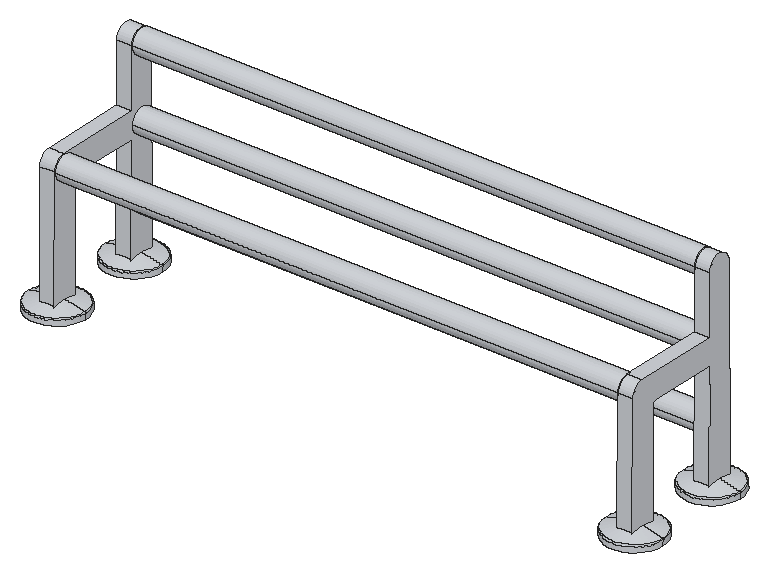
Revit family "Accessory-Towel_Bar-KOHLER-Components-K-78376", category Specialty Equipment, host Face, Revit 2015
Parameters (values of type "CP-Polished Chrome")
  Width = 4"  # constant formula
  URL = "https://www.us.kohler.com/us/"
  Type = 1
  Product Page URL = "http://www.us.kohler.com/us/catalog/productDetails.jsp?productNumber=78376"
  Product Name = "Components"  # constant formula
  Product Documentation Link = "http://www.us.kohler.com/onlinecatalog/pdf/K-78376_spec.pdf"
  Model = if(Type = 1, "K-78376-CP", if(Type = 2, "K-78376-BN", if(Type = 3, "K-78376-BL", if(Type = 4, "K-78376-TT", "NA"))))  # "K-78376-CP"
  Material = "Premium Metal Construction"  # constant formula
  MasterFormat 2004 = "10.28.13"  # constant formula
  MasterFormat 1995 = "10820"  # constant formula
  Manufacturer Address = "444 Highland Dr, Kohler, WI 53044"  # constant formula
  Manufacturer = "KOHLER Co."  # constant formula
  Length = 24"  # constant formula
  Height = 8 13/16"  # constant formula
  Finish = Kohler-Metal-CP-Polished_Chrome
  Environmental Product Declaration = ""
  Description = "Hotelier"  # constant formula
  Default Elevation = 42"
  Declare Label = ""
  Date Modified = "07/12/2018"  # constant formula
  Date Created = "07/12/2018"  # constant formula
  Copyright = "Copyright KOHLER Co."  # constant formula
  Contact Us = "https://www.us.kohler.com/us/static/contact.jsp"
  Assembly Code = "C1030200"
  ADA Compliant = 1 = 0  # no
Types (4): name | Type | Model | Finish
  (no name) | 1 | "K-78376-CP" | Kohler-Metal-CP-Polished_Chrome
  CP-Polished Chrome | 1 | "K-78376-CP" | Kohler-Metal-CP-Polished_Chrome
  BL-Matte Black | 3 | "K-78376-BL" | Kohler-Metal-BL-Matte_Black
  TT-Titanium | 4 | "K-78376-TT" | Kohler-Metal-TT-Vibrant_Titanium
Reference planes (in)
  plane 1 "Center (Front/Back)": y = 0
  plane 2: z = 0
  plane 3 "Center (Left/Right)": x = 0
  plane 4: x = -12
  plane 5: x = 12
  plane 6: y = -4
  plane 7: z = 8.8125
Dimensions and locks (in)
  "Length": plane 4 to plane 5
  "Height": plane 7 to level
  "Width": plane 6 to plane 1 "Center (Front/Back)"
  aligned and locked: plane 2 to host face
  aligned and locked: level to host face
Automatic sketch dimensions
  host sketch curve to host sketch curve = 96"  (x2)
Nested families (in)
  nested 1: "K-78376" at (0, 0, 0), type "K-78376"
Definition of nested family "K-78376"
  Parameters (values of type "K-78376")
    Material = none
    Length = 24"
  Reference planes (in)
    plane 1 "Center (Front/Back)": y = 0
    plane 2: z = 0
    plane 3 "Center (Left/Right)": x = 0
    plane 4 "A": x = -12
    plane 5 "B": x = 12
    plane 6: y = 1.1875
    plane 7: z = 8.8125
    plane 8: y = -1.1875
    plane 9 "C": y = -4
  Forms (in)
    Revolve 1, solid, material <- "Material", detail levels medium+fine
      sketch origin (0, 0, 0) x (1, 0, 0) y (0, 0, 1)
        loop
          line (-13.1875, 0) -> (-12, 0) -> (-12, 0.54137) -> (-13.15723, 0.26168)
          arc (-13.15723, 0.26168) -> (-13.17902, 0.24769) -> (-13.1875, 0.22322) r 0.03957
          line (-13.1875, 0.22322) -> (-13.1875, 0)
        axis (-12, 0.54137) -> (-12, 0)
      angle from 0 to 360
    Revolve 2, solid, material <- "Material", detail levels medium+fine
      sketch origin (0, 0, 0) x (-1, 0, 0) y (0, 0, 1)
        loop
          line (-13.1875, 0) -> (-12, 0) -> (-12, 0.54137) -> (-13.15723, 0.26168)
          arc (-13.15723, 0.26168) -> (-13.17902, 0.24769) -> (-13.1875, 0.22322) r 0.03957
          line (-13.1875, 0.22322) -> (-13.1875, 0)
        axis (-12, 0.54137) -> (-12, 0)
      angle from 0 to 360
    Extrusion 3, solid, material <- "Material"
      sketch origin (0, 0, 0) x (0, 1, 0) y (0, 0, 1)
        loop
          arc (0.49316, 8.32265) -> (0, 8.81353) -> (-0.49316, 8.32265) r 0.49317
          line (-0.49316, 8.32265) -> (-0.50441, 5.90428) -> (-4.00216, 5.86304)
          arc (-4.00216, 5.86304) -> (-4.34231, 5.71936) -> (-4.48455, 5.3786) r 0.48816
          line (-4.48455, 5.3786) -> (-4.52277, 0.31966) -> (-3.46003, 0.31966) -> (-3.46003, 4.60764)
          arc (-3.46003, 4.60764) -> (-3.39127, 4.77365) -> (-3.22525, 4.84242) r 0.23478
          line (-3.22525, 4.84242) -> (-0.50935, 4.84242) -> (-0.53038, 0.31966) -> (0.53038, 0.31966) -> (0.49316, 8.32265)
      from 11.69094 to 12.30906
    Extrusion 4, solid, material <- "Material"
      sketch origin (0, 0, 0) x (0, 1, 0) y (0, 0, -1)
        loop
          line (0.49316, -8.32265) -> (0.53038, -0.31966) -> (-0.53038, -0.31966) -> (-0.50935, -4.84242) -> (-3.22525, -4.84242)
          arc (-3.22525, -4.84242) -> (-3.39127, -4.77365) -> (-3.46003, -4.60764) r 0.23478
          line (-3.46003, -4.60764) -> (-3.46003, -0.31966) -> (-4.52277, -0.31966) -> (-4.48455, -5.3786)
          arc (-4.48455, -5.3786) -> (-4.34231, -5.71936) -> (-4.00216, -5.86304) r 0.48816
          line (-4.00216, -5.86304) -> (-0.50441, -5.90428) -> (-0.49316, -8.32265)
          arc (-0.49316, -8.32265) -> (0, -8.81353) -> (0.49316, -8.32265) r 0.49317
      from 11.69094 to 12.30906
    Extrusion 5, solid, material <- "Material"
      sketch origin (0, 0, 0) x (0, 1, 0) y (0, 0, 1)
        loop
          circle (-0.00003, 2.47624) r 0.49321
        loop
          circle (0, 8.32036) r 0.49317
        loop
          circle (-0.00003, 5.37337) r 0.49321
        loop
          circle (-3.9964, 5.37492) r 0.48816
      from -11.69094 to 11.69094
    Extrusion 6, solid, material <- "Material", detail levels coarse
      sketch origin (0, 0, 0) x (1, 0, 0) y (0, 1, 0)
        loop
          circle (-12, 0) r 1.1875
        loop
          circle (12, 0) r 1.1875
        loop
          circle (-12, -4) r 1.1875
        loop
          circle (12, -4) r 1.1875
      from 0 to 0.44658
    Revolve 7, solid, material <- "Material", detail levels medium+fine
      sketch origin (0, -4, 0) x (0, 0, -1) y (-1, 0, 0)
        loop
          line (0, 13.1875) -> (-0.22322, 13.1875)
          arc (-0.22322, 13.1875) -> (-0.24769, 13.17902) -> (-0.26168, 13.15723) r 0.03957
          line (-0.26168, 13.15723) -> (-0.54137, 12) -> (0, 12) -> (0, 13.1875)
        axis (-0.54137, 12) -> (0, 12)
      angle from 0 to 360
    Revolve 8, solid, material <- "Material", detail levels medium+fine
      sketch origin (0, -4, 0) x (0, 0, -1) y (-1, 0, 0)
        loop
          line (0, -13.1875) -> (0, -12) -> (-0.54137, -12) -> (-0.26168, -13.15723)
          arc (-0.26168, -13.15723) -> (-0.24769, -13.17902) -> (-0.22322, -13.1875) r 0.03957
          line (-0.22322, -13.1875) -> (0, -13.1875)
        axis (-0.54137, -12) -> (0, -12)
      angle from 0 to 360
  Cuts and joins
    joined: Revolve 1, Revolve 2, Revolve 7, Revolve 8
    joined: Extrusion 3, Extrusion 4
  Lines and regions (in)
    Masking region 1
      outline origin (0, 0, 0) x (0, 1, 0) y (0, 0, 1)
        loop
          line (0.52873, 0.41382) -> (0.49313, 8.3288)
          arc (0.49313, 8.3288) -> (0, 8.81339) -> (-0.49313, 8.3288) r 0.4932
          line (-0.49313, 8.3288) -> (-0.50403, 5.90429) -> (-4.00216, 5.86304)
          arc (-4.00216, 5.86304) -> (-4.34231, 5.71936) -> (-4.48455, 5.3786) r 0.48816
          line (-4.48455, 5.3786) -> (-4.52204, 0.41543) -> (-5.15899, 0.26168)
          arc (-5.15899, 0.26168) -> (-5.17952, 0.24851) -> (-5.1875, 0.22546) r 0.03726
          line (-5.1875, 0.22546) -> (-5.1875, 0) -> (-2.8125, 0) -> (-2.8125, 0.22546)
          arc (-2.8125, 0.22546) -> (-2.82048, 0.24851) -> (-2.84101, 0.26168) r 0.03726
          line (-2.84101, 0.26168) -> (-3.46003, 0.41111) -> (-3.46003, 4.60764)
          arc (-3.46003, 4.60764) -> (-3.39127, 4.77365) -> (-3.22525, 4.84242) r 0.23478
          line (-3.22525, 4.84242) -> (-0.50881, 4.84242) -> (-0.52873, 0.41382) -> (-1.15899, 0.26168)
          arc (-1.15899, 0.26168) -> (-1.17952, 0.24851) -> (-1.1875, 0.22546) r 0.03726
          line (-1.1875, 0.22546) -> (-1.1875, 0) -> (1.1875, 0) -> (1.1875, 0.22546)
          arc (1.1875, 0.22546) -> (1.17952, 0.24851) -> (1.15899, 0.26168) r 0.03726
          line (1.15899, 0.26168) -> (0.52873, 0.41382)
    Masking region 2
      outline origin (0, 0, 0) x (1, 0, 0) y (0, 0, 1)
        loop
          line (-13.1875, 0) -> (-10.8125, 0) -> (-10.8125, 0.22322)
          arc (-10.8125, 0.22322) -> (-10.82098, 0.24769) -> (-10.84277, 0.26168) r 0.03957
          line (-10.84277, 0.26168) -> (-11.69094, 0.46667) -> (-11.69094, 1.98303) -> (11.69094, 1.98303) -> (11.69094, 0.46667) -> (10.84277, 0.26168)
          arc (10.84277, 0.26168) -> (10.82098, 0.24769) -> (10.8125, 0.22322) r 0.03957
          line (10.8125, 0.22322) -> (10.8125, 0) -> (13.1875, 0) -> (13.1875, 0.22322)
          arc (13.1875, 0.22322) -> (13.17902, 0.24769) -> (13.15723, 0.26168) r 0.03957
          line (13.15723, 0.26168) -> (12.30906, 0.46667) -> (12.30906, 8.8125) -> (-12.30906, 8.8125) -> (-12.30906, 0.46667) -> (-13.15723, 0.26168)
          arc (-13.15723, 0.26168) -> (-13.17902, 0.24769) -> (-13.1875, 0.22322) r 0.03957
          line (-13.1875, 0.22322) -> (-13.1875, 0)
        loop
          line (-11.69094, 7.82631) -> (-11.69094, 5.86304) -> (11.69094, 5.86304) -> (11.69094, 7.82631) -> (-11.69094, 7.82631)
        loop
          line (-11.69094, 4.88016) -> (-11.69094, 2.96945) -> (11.69094, 2.96945) -> (11.69094, 4.88016) -> (-11.69094, 4.88016)
    Masking region 3
      outline origin (0, 0, 0) x (1, 0, 0) y (0, 1, 0)
        loop
          arc (-10.91977, -0.49321) -> (-11.23237, -0.90604) -> (-11.69094, -1.14658) r 1.1875
          line (-11.69094, -1.14658) -> (-11.69094, -2.85342)
          arc (-11.69094, -2.85342) -> (-11.23234, -3.09399) -> (-10.91974, -3.50686) r 1.1875
          line (-10.91974, -3.50686) -> (10.91974, -3.50686)
          arc (10.91974, -3.50686) -> (11.23234, -3.09399) -> (11.69094, -2.85342) r 1.1875
          line (11.69094, -2.85342) -> (11.69094, -1.14658)
          arc (11.69094, -1.14658) -> (11.23237, -0.90604) -> (10.91977, -0.49321) r 1.1875
          line (10.91977, -0.49321) -> (-10.91977, -0.49321)
        loop
          arc (-10.91974, 0.49314) -> (-12.90601, 0.76766) -> (-12.30906, -1.14658) r 1.1875
          line (-12.30906, -1.14658) -> (-12.30906, -2.85342)
          arc (-12.30906, -2.85342) -> (-12.90604, -4.76763) -> (-10.91977, -4.49321) r 1.1875
          line (-10.91977, -4.49321) -> (10.91977, -4.49321)
          arc (10.91977, -4.49321) -> (12.90604, -4.76763) -> (12.30906, -2.85342) r 1.1875
          line (12.30906, -2.85342) -> (12.30906, -1.14658)
          arc (12.30906, -1.14658) -> (12.90601, 0.76766) -> (10.91974, 0.49314) r 1.1875
          line (10.91974, 0.49314) -> (-10.91974, 0.49314)
    symbolic lines, detail levels medium+fine
      curve 1: arc (0, 0, 0.46667) -> (0, 0.26632, 0.44279) -> (0, 0.52909, 0.39328) r 2.76424
      curve 2: line (0, 0.52909, 0.39328) -> (0, 0.5284, 0.43278)
      curve 3: line (0, -0.52909, 0.39328) -> (0, -0.5284, 0.43278)
      curve 4: arc (0, -0.52909, 0.39328) -> (0, -0.26632, 0.44279) -> (0, 0, 0.46667) r 2.76424
      curve 5: line (-11.69094, 0, 7.82631) -> (-11.69094, 0, 8.32813)
      curve 6: line (11.69094, 0, 7.82631) -> (11.69094, 0, 8.31952)
      curve 7: line (-12.30906, 0, 0.46667) -> (-11.69094, 0, 0.46667)
      curve 8: line (11.69094, 0, 0.46667) -> (12.30906, 0, 0.46667)
      curve 9: line (-12.30906, 0.53038, 0) -> (-12.30906, -0.53038, 0)
      curve 10: line (-11.69094, -0.53038, 0) -> (-11.69094, 0.53038, 0)
      curve 11: line (12.30906, -0.53038, 0) -> (12.30906, 0.53038, 0)
      curve 12: line (11.69094, 0.53038, 0) -> (11.69094, -0.53038, 0)
      curve 13: line (12.30906, 0.53038, 0) -> (11.69094, 0.53038, 0)
      curve 14: line (11.69094, -0.53038, 0) -> (12.30906, -0.53038, 0)
      curve 15: line (-12.30906, 0.53038, 0) -> (-11.69094, 0.53038, 0)
      curve 16: line (-11.69094, -0.53038, 0) -> (-12.30906, -0.53038, 0)
      curve 17: line (-10.91974, 0.49314, 0) -> (-11.69094, 0.49314, 0)
      curve 18: line (-10.91977, -0.49321, 0) -> (-11.69094, -0.49321, 0)
      curve 19: line (10.91974, 0.49314, 0) -> (11.69094, 0.49314, 0)
      curve 20: line (10.91977, -0.49321, 0) -> (11.69094, -0.49321, 0)
      curve 21: line (-11.30906, 0, 8.8125) -> (-11.30906, 0, 7.82631)
      curve 22: line (11.30906, 0, 8.8125) -> (11.30906, 0, 7.82631)
      curve 23: arc (0, -4, 0.46667) -> (0, -3.72814, 0.44201) -> (0, -3.46003, 0.39065) r 2.76424
      curve 24: arc (0, -4.52195, 0.39497) -> (0, -4.26269, 0.44329) -> (0, -4, 0.46667) r 2.76424
      curve 25: line (0, -3.46003, 0.42711) -> (0, -3.46003, 0.39065)
      curve 26: line (0, -4.52195, 0.42801) -> (0, -4.52195, 0.39497)
      curve 27: line (0, -0.50441, 5.90428) -> (0, -0.50935, 4.84242)
      curve 28: line (-12.30906, -3.47178, 0) -> (-12.30906, -4.53254, 0)
      curve 29: line (-11.69094, -4.53254, 0) -> (-11.69094, -3.47178, 0)
      curve 30: line (-12.30906, -3.47178, 0) -> (-11.69094, -3.47178, 0)
      curve 31: line (-11.69094, -4.53254, 0) -> (-12.30906, -4.53254, 0)
      curve 32: line (-10.91974, -3.50707, 0) -> (-11.69094, -3.50707, 0)
      curve 33: line (-10.91977, -4.49537, 0) -> (-11.69094, -4.49537, 0)
      curve 34: line (12.30906, -4.53254, 0) -> (12.30906, -3.47178, 0)
      curve 35: line (11.69094, -3.47178, 0) -> (11.69094, -4.53254, 0)
      curve 36: line (12.30906, -3.47178, 0) -> (11.69094, -3.47178, 0)
      curve 37: line (11.69094, -4.53254, 0) -> (12.30906, -4.53254, 0)
      curve 38: line (10.91974, -3.50707, 0) -> (11.69094, -3.50707, 0)
      curve 39: line (10.91977, -4.49537, 0) -> (11.69094, -4.49537, 0)
      curve 40: line (-12.30906, -0.53038, 0) -> (-12.30906, -1.14658, 0)
      curve 41: line (-11.69094, -0.53038, 0) -> (-11.69094, -1.14658, 0)
      curve 42: line (-12.30906, -2.85342, 0) -> (-12.30906, -3.47178, 0)
      curve 43: line (-11.69094, -2.85342, 0) -> (-11.69094, -3.47178, 0)
      curve 44: line (11.69094, -0.53038, 0) -> (11.69094, -1.14658, 0)
      curve 45: line (12.30906, -0.53038, 0) -> (12.30906, -1.14658, 0)
      curve 46: line (11.69094, -2.85342, 0) -> (11.69094, -3.47178, 0)
      curve 47: line (12.30906, -2.85342, 0) -> (12.30906, -3.47178, 0)
      curve 48: line (-11.69094, 0, 5.86659) -> (-11.69094, 0, 4.88676)
      curve 49: line (-11.69094, 0, 2.96945) -> (-11.69094, 0, 1.98303)
      curve 50: line (-11.30906, 0, 5.86304) -> (-11.30906, 0, 4.88016)
      curve 51: line (-11.30906, 0, 2.96945) -> (-11.30906, 0, 1.98303)
      curve 52: line (11.69094, 0, 5.86659) -> (11.69094, 0, 4.88676)
      curve 53: line (11.69094, 0, 2.96945) -> (11.69094, 0, 1.98303)
      curve 54: line (11.30906, 0, 5.86304) -> (11.30906, 0, 4.88016)
      curve 55: line (11.30906, 0, 2.96945) -> (11.30906, 0, 1.98303)
  Dimensions and locks (in)
    equal spacing: plane 4 "A", plane 3 "Center (Left/Right)", plane 5 "B"
    "Length": plane 4 "A" to plane 5 "B"
    locked: Revolve 1 sketch curve to plane 4 "A" at 1.1875
    locked: Revolve 2 sketch curve to plane 5 "B" at 1.1875
    equal spacing: Extrusion 3, plane 5 "B", Extrusion 3
    equal spacing: Extrusion 4, plane 4 "A", Extrusion 4
    plane 7 to level = 8 13/16"
    equal spacing: Masking region 2 sketch curve, plane 4 "A", Masking region 2 sketch curve
    locked: Masking region 2 sketch curve to Masking region 2 sketch curve at 2.375  (x2)
    equal spacing: Masking region 2 sketch curve, plane 5 "B", Masking region 2 sketch curve
    locked: cut or joined group of Extrusion 3, Extrusion 4 to cut or joined group of Extrusion 3, Extrusion 4 at 0.61811  (x2)
    locked: cut or joined group of Extrusion 3, Extrusion 4 to curve 21 at 1
    locked: curve 22 to cut or joined group of Extrusion 3, Extrusion 4 at 1
    plane 1 "Center (Front/Back)" to plane 9 "C" = 4"
    aligned and locked: plane 2 to level
    aligned and locked: Revolve 1 sketch curve to plane 4 "A"
    aligned and locked: plane 4 "A" to Revolve 1 sketch curve
    aligned and locked: plane 5 "B" to Revolve 2 sketch curve
    aligned and locked: Revolve 2 sketch curve to plane 5 "B"
    aligned and locked: Extrusion 5 to Extrusion 4
    aligned and locked: Extrusion 5 to Extrusion 3
    aligned and locked: cut or joined group of Extrusion 3, Extrusion 4 to Masking region 2 sketch curve  (x4)
    aligned and locked: Masking region 2 sketch curve to cut or joined group of Extrusion 3, Extrusion 4  (x2)
    aligned and locked: Masking region 2 to curve 5
    aligned and locked: Masking region 2 to curve 6
    aligned and locked: curve 7 to Masking region 2
    aligned and locked: curve 8 to Masking region 2
    aligned and locked: Masking region 3 sketch curve to cut or joined group of Revolve 1, Revolve 2, Revolve 7, Revolve 8  (x2)
    aligned and locked: curve 9 to cut or joined group of Extrusion 3, Extrusion 4
    aligned and locked: cut or joined group of Extrusion 3, Extrusion 4 to curve 10
    aligned and locked: cut or joined group of Extrusion 3, Extrusion 4 to curve 11
    aligned and locked: curve 12 to cut or joined group of Extrusion 3, Extrusion 4
    aligned and locked: curve 15 to cut or joined group of Extrusion 3, Extrusion 4
    aligned and locked: curve 17 to Masking region 3
    aligned and locked: curve 18 to Masking region 3
    aligned and locked: curve 19 to Masking region 3
    aligned and locked: curve 20 to Masking region 3
    aligned and locked: Extrusion 6 sketch curve to Masking region 3  (x2)
  Automatic sketch dimensions
    Extrusion 4 sketch curve to plane 1 "Center (Front/Back)" = 0"
    plane 1 "Center (Front/Back)" to Extrusion 4 sketch curve = 0.49316"
    plane 1 "Center (Front/Back)" to Extrusion 4 sketch curve = 0.53038"
    plane 9 "C" to Extrusion 4 sketch curve = 0.77475"
    plane 9 "C" to Extrusion 4 sketch curve = 0.53997"
    plane 9 "C" to Extrusion 4 sketch curve = 0.0036"
    Extrusion 4 sketch curve to plane 9 "C" = 0.00216"
    Extrusion 4 sketch curve to plane 9 "C" = 0.48455"
    Extrusion 4 sketch curve to plane 9 "C" = 0.52277"
    Extrusion 4 sketch curve to plane 7 = 0.48985"
    Extrusion 4 sketch curve to plane 1 "Center (Front/Back)" = 0.49316"
    Extrusion 4 sketch curve to plane 1 "Center (Front/Back)" = 0.53038"
    Extrusion 4 sketch curve to plane 7 = 0.49214"
    Extrusion 4 sketch curve to plane 7 = 2.94946"
    Extrusion 4 sketch curve to Extrusion 4 sketch curve = 0.48444"
    Extrusion 4 sketch curve to Extrusion 4 sketch curve = 0.5325"
    level to Extrusion 4 sketch curve = 0.31966"  (x2)
    plane 1 "Center (Front/Back)" to Extrusion 4 sketch curve = 0.50441"
    plane 1 "Center (Front/Back)" to Extrusion 4 sketch curve = 0.50935"
    Extrusion 4 sketch curve to Extrusion 4 sketch curve = 1.06187"
    Extrusion 3 sketch curve to plane 1 "Center (Front/Back)" = 0"
    plane 1 "Center (Front/Back)" to Extrusion 3 sketch curve = 0.49316"
    plane 1 "Center (Front/Back)" to Extrusion 3 sketch curve = 0.50441"
    plane 1 "Center (Front/Back)" to Extrusion 3 sketch curve = 0.50935"
    plane 1 "Center (Front/Back)" to Extrusion 3 sketch curve = 0.53038"
    plane 9 "C" to Extrusion 3 sketch curve = 0.77475"
    Extrusion 3 sketch curve to Extrusion 3 sketch curve = 0.23478"
    plane 9 "C" to Extrusion 3 sketch curve = 0.0036"
    Extrusion 3 sketch curve to plane 9 "C" = 0.00216"
    Extrusion 3 sketch curve to plane 9 "C" = 0.48455"
    Extrusion 3 sketch curve to plane 9 "C" = 0.52277"
    Extrusion 3 sketch curve to plane 7 = 0.48985"
    Extrusion 3 sketch curve to plane 1 "Center (Front/Back)" = 0.49316"
    Extrusion 3 sketch curve to plane 1 "Center (Front/Back)" = 0.53038"
    Extrusion 3 sketch curve to plane 7 = 0.49214"
    Extrusion 3 sketch curve to Extrusion 3 sketch curve = 2.41837"
    Extrusion 3 sketch curve to plane 7 = 2.94946"
    Extrusion 3 sketch curve to Extrusion 3 sketch curve = 0.48444"
    Extrusion 3 sketch curve to Extrusion 3 sketch curve = 0.5325"
    level to Extrusion 3 sketch curve = 0.31966"  (x2)
    Extrusion 5 sketch curve to plane 1 "Center (Front/Back)" = 0"
    plane 1 "Center (Front/Back)" to Extrusion 5 sketch curve = 0.00003"  (x2)
    level to Extrusion 5 sketch curve = 2.47624"
    Extrusion 5 sketch curve to Extrusion 5 sketch curve = 2.89714"
    Extrusion 5 sketch curve to plane 7 = 0.49214"
    Masking region 1 sketch curve to level = 0"  (x2)
    Masking region 1 sketch curve to plane 8 = 0"
    Masking region 1 sketch curve to plane 1 "Center (Front/Back)" = 0"
    Masking region 1 sketch curve to plane 6 = 0"
    plane 9 "C" to Masking region 1 sketch curve = 1 3/16"
    level to Masking region 1 sketch curve = 0.26168"  (x2)
    Masking region 1 sketch curve to Masking region 1 sketch curve = 0.02851"
    Masking region 1 sketch curve to Masking region 1 sketch curve = 0.00874"  (x2)
    level to Masking region 1 sketch curve = 0.22546"  (x3)
    Masking region 1 sketch curve to plane 9 "C" = 1.15024"
    Masking region 1 sketch curve to plane 8 = 0.02851"
    Masking region 1 sketch curve to plane 8 = 0.03726"
    plane 1 "Center (Front/Back)" to Masking region 1 sketch curve = 0.52873"
    plane 1 "Center (Front/Back)" to Masking region 1 sketch curve = 0.49313"
    Masking region 1 sketch curve to plane 7 = 0.4837"
    Masking region 1 sketch curve to plane 1 "Center (Front/Back)" = 0.49313"
    Masking region 1 sketch curve to plane 1 "Center (Front/Back)" = 0.52873"
    Masking region 1 sketch curve to Masking region 1 sketch curve = 0.03726"
    Masking region 1 sketch curve to plane 6 = 0.02851"
    level to Masking region 1 sketch curve = 0.41382"  (x2)
    Masking region 1 sketch curve to plane 7 = 0.49231"
    plane 9 "C" to Masking region 1 sketch curve = 0.53997"
    Masking region 1 sketch curve to plane 9 "C" = 0.52204"
    level to Masking region 1 sketch curve = 0.41111"
    level to Masking region 1 sketch curve = 0.41543"
    Masking region 1 sketch curve to plane 9 "C" = 0.00216"
    plane 9 "C" to Masking region 1 sketch curve = 0.0036"
    Masking region 1 sketch curve to Masking region 1 sketch curve = 0.48812"
    Masking region 1 sketch curve to plane 9 "C" = 0.48455"
    plane 1 "Center (Front/Back)" to Masking region 1 sketch curve = 0.50403"
    Masking region 1 sketch curve to Masking region 1 sketch curve = 0.5325"
    Masking region 1 sketch curve to Masking region 1 sketch curve = 1.06187"
    Masking region 1 sketch curve to Masking region 1 sketch curve = 0.23478"
    Masking region 1 sketch curve to Masking region 1 sketch curve = 0.00478"
    Masking region 1 sketch curve to Masking region 1 sketch curve = 4.19653"
    curve 23 to plane 9 "C" = 0"
    curve 1 to plane 1 "Center (Front/Back)" = 0"
    curve 23 to plane 9 "C" = 0.1135"
    curve 26 to plane 9 "C" = 0.52195"
    plane 9 "C" to curve 24 = 0.1135"
    plane 9 "C" to curve 25 = 0.53997"
    plane 1 "Center (Front/Back)" to curve 3 = 0.52909"
    plane 1 "Center (Front/Back)" to curve 1 = 0.1135"
    curve 4 to plane 1 "Center (Front/Back)" = 0.1135"
    curve 2 to plane 1 "Center (Front/Back)" = 0.52909"
    curve 1 to level = 2.29523"
    curve 24 to level = 2.29523"
    curve 23 to curve 24 = 0"
    curve 1 to curve 4 = 0"
    level to curve 25 = 0.39065"
    level to curve 2 = 0.39328"
    curve 3 to curve 3 = 0.00069"
    plane 1 "Center (Front/Back)" to curve 27 = 0.50935"
    plane 1 "Center (Front/Back)" to curve 27 = 0.50441"
    curve 2 to curve 1 = 0.00069"
    curve 25 to curve 25 = 0.03645"
    curve 26 to curve 26 = 0.03304"
    curve 3 to curve 3 = 0.0395"
    curve 1 to curve 2 = 0.0395"
    curve 27 to plane 7 = 3.97008"
    curve 27 to curve 27 = 1.06187"
    plane 4 "A" to curve 30 = 0.30906"
    curve 31 to plane 4 "A" = 0.30906"
    curve 35 to plane 5 "B" = 0.30906"
    plane 5 "B" to curve 37 = 0.30906"
    plane 1 "Center (Front/Back)" to curve 14 = 0.53038"
    plane 1 "Center (Front/Back)" to curve 9 = 0.53038"
    plane 9 "C" to curve 29 = 0.52822"
    plane 9 "C" to curve 35 = 0.52822"
    curve 34 to plane 9 "C" = 0.53254"
    curve 31 to plane 9 "C" = 0.53254"
    curve 13 to plane 1 "Center (Front/Back)" = 0.53038"
    curve 33 to curve 33 = 0.77118"
    curve 32 to curve 32 = 0.77121"
    curve 38 to curve 38 = 0.77121"
    curve 39 to curve 39 = 0.77118"
    curve 19 to plane 1 "Center (Front/Back)" = 0.49314"
    curve 17 to plane 1 "Center (Front/Back)" = 0.49314"
    curve 12 to curve 20 = 0.03716"
    curve 10 to curve 18 = 0.03716"
    curve 44 to plane 8 = 0.04092"
    curve 45 to plane 8 = 0.04092"
    curve 41 to plane 8 = 0.04092"
    curve 40 to plane 8 = 0.04092"
    curve 34 to curve 47 = 0.61836"
    curve 46 to curve 47 = 0"
    curve 28 to curve 42 = 0.61836"
    curve 42 to curve 43 = 0"
    curve 32 to curve 29 = 0.03529"
    plane 9 "C" to curve 38 = 0.49293"
    curve 33 to plane 9 "C" = 0.49537"
    curve 35 to curve 39 = 0.03716"
    curve 22 to plane 7 = 0"
    curve 21 to plane 7 = 0"
    curve 51 to plane 4 "A" = 0.69094"
    curve 50 to plane 4 "A" = 0.69094"
    curve 7 to curve 51 = 2.50278"
    curve 51 to curve 50 = 1.91071"
    curve 50 to curve 50 = 0.98288"
    curve 21 to curve 21 = 0.98619"
    curve 49 to plane 4 "A" = 0.30906"
    plane 4 "A" to curve 7 = 0.30906"
    curve 7 to plane 4 "A" = 0.30906"
    curve 48 to plane 4 "A" = 0.30906"
    curve 55 to plane 5 "B" = 0.69094"
    curve 54 to plane 5 "B" = 0.69094"
    curve 52 to plane 5 "B" = 0.30906"
    curve 53 to plane 5 "B" = 0.30906"
    curve 8 to plane 5 "B" = 0.30906"
    plane 5 "B" to curve 8 = 0.30906"
    curve 8 to curve 55 = 1.51635"
    curve 53 to curve 55 = 0"  (x2)
    curve 51 to curve 51 = 0.98643"
    curve 49 to curve 51 = 0"  (x2)
    curve 55 to curve 55 = 0.98643"
    curve 55 to curve 54 = 1.91071"
    curve 50 to curve 48 = 0.0066"
    curve 54 to curve 52 = 0.0066"
    curve 54 to curve 54 = 0.98288"
    curve 50 to curve 48 = 0.00355"
    curve 54 to curve 52 = 0.00355"
    curve 22 to curve 22 = 0.98619"
    curve 6 to curve 22 = 0"
    curve 5 to curve 21 = 0"
    curve 6 to plane 7 = 0.49298"
    curve 5 to plane 7 = 31/64"
    Revolve 1 sketch curve to level = 0"  (x2)
    level to Revolve 1 sketch curve = 0.26168"
    Revolve 1 sketch curve to Revolve 1 sketch curve = 0.03027"
    Revolve 1 sketch curve to Revolve 1 sketch curve = 0.03957"
    level to Revolve 1 sketch curve = 0.54137"
    Revolve 1 sketch curve to Revolve 1 sketch curve = 0.35774"
    Revolve 2 sketch curve to level = 0"  (x2)
    Revolve 2 sketch curve to level = 0.26168"
    Revolve 2 sketch curve to Revolve 2 sketch curve = 0.03027"
    Revolve 2 sketch curve to Revolve 2 sketch curve = 0.0093"
    Revolve 2 sketch curve to Revolve 2 sketch curve = 0.54137"
    level to Revolve 2 sketch curve = 0.35774"
    Masking region 2 sketch curve to level = 0"  (x2)
    Masking region 2 sketch curve to plane 7 = 0"
    level to Masking region 2 sketch curve = 0.26168"  (x4)
    Masking region 2 sketch curve to Masking region 2 sketch curve = 0.03027"  (x2)
    Masking region 2 sketch curve to Masking region 2 sketch curve = 0.0093"  (x3)
    Masking region 2 sketch curve to plane 4 "A" = 0.30906"
    Masking region 2 sketch curve to Masking region 2 sketch curve = 0.03957"  (x3)
    Masking region 2 sketch curve to plane 5 "B" = 0.30906"
    level to Masking region 2 sketch curve = 0.46667"  (x4)
    Masking region 2 sketch curve to Masking region 2 sketch curve = 1.51635"
    Masking region 2 sketch curve to Masking region 2 sketch curve = 0.98643"
    Masking region 2 sketch curve to Masking region 2 sketch curve = 1.91071"
    Masking region 2 sketch curve to Masking region 2 sketch curve = 0.98288"
    Masking region 2 sketch curve to plane 7 = 0.98619"
    Masking region 3 sketch curve to Masking region 3 sketch curve = 0"  (x8)
    Masking region 3 sketch curve to plane 4 "A" = 0"
    Masking region 3 sketch curve to plane 5 "B" = 0"
    Masking region 3 sketch curve to plane 9 "C" = 0"  (x2)
    Masking region 3 sketch curve to plane 8 = 0.04092"  (x2)
    plane 4 "A" to Masking region 3 sketch curve = 0.30906"
    Masking region 3 sketch curve to plane 4 "A" = 0.30906"
    plane 1 "Center (Front/Back)" to Masking region 3 sketch curve = 0.49321"
    Masking region 3 sketch curve to plane 9 "C" = 0.49321"
    Masking region 3 sketch curve to plane 4 "A" = 1.08023"
    plane 9 "C" to Masking region 3 sketch curve = 0.49314"
    Masking region 3 sketch curve to Masking region 3 sketch curve = 0.00003"  (x3)
    Masking region 3 sketch curve to plane 1 "Center (Front/Back)" = 0.49314"
    Masking region 3 sketch curve to plane 5 "B" = 1.08026"
    Masking region 3 sketch curve to plane 5 "B" = 0.30906"
    Extrusion 6 sketch curve to plane 4 "A" = 0"
    Extrusion 6 sketch curve to plane 5 "B" = 0"
    Extrusion 6 sketch curve to plane 9 "C" = 0"  (x2)
    plane 4 "A" to Revolve 7 sketch curve = 0"  (x2)
    Revolve 7 sketch curve to level = 0"  (x2)
    level to Revolve 7 sketch curve = 0.22322"
    Revolve 7 sketch curve to Revolve 7 sketch curve = 0.03846"
    Revolve 7 sketch curve to Revolve 7 sketch curve = 0.54137"
    plane 4 "A" to Revolve 7 sketch curve = 1.14793"
    Revolve 7 sketch curve to Revolve 7 sketch curve = 0.0093"
    Revolve 7 sketch curve to Revolve 7 sketch curve = 0.35774"
    Revolve 8 sketch curve to plane 5 "B" = 0"  (x2)
    Revolve 8 sketch curve to level = 0"  (x2)
    Revolve 8 sketch curve to Revolve 8 sketch curve = 0.22322"
    Revolve 8 sketch curve to Revolve 8 sketch curve = 0.03846"
    Revolve 8 sketch curve to Revolve 8 sketch curve = 0.54137"
    plane 5 "B" to Revolve 8 sketch curve = 1.14793"
    Revolve 8 sketch curve to Revolve 8 sketch curve = 0.0093"
    Revolve 8 sketch curve to level = 0.35774"
    radius of Extrusion 5 sketch curve = 0.49321"  (x2)
    radius of Extrusion 5 sketch curve = 0.49317"
    radius of Extrusion 6 sketch curve = 1 3/16"  (x2)
